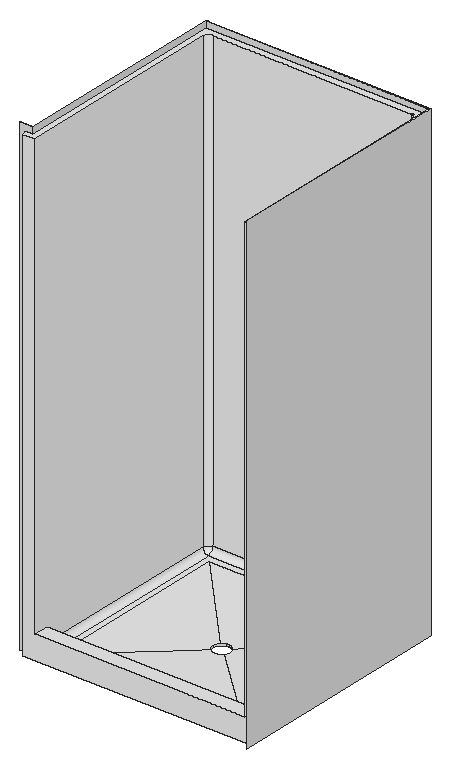
Revit family "LCS4038CP", category Plumbing Fixtures, Revit 2017
Family settings
  Round Connector Dimension = Use Diameter
  Part Type = Normal
  OmniClass Number = 23.45.05.14.17
  OmniClass Title = Showers
  Work Plane-Based = No
  Always vertical = Yes
  Cut with Voids When Loaded = No
  Shared = No
  Room Calculation Point = No
Parameters (values of type "LCS4038CP")
  Unit Width = 40 1/4"
  Unit Height = 80 1/2"
  Unit Depth = 39"
  URL = "http://www.bestbath.com/"
  Type Comments = "Independent Living"
  Model = "LCS4038CP"
  Material [instance] = Best Bath Gelcoat Fiberglass - Classic Tile
  Manufacturer = "Best Bath Systems, Inc."
  Keynote = "22 40 00.B3"
  Description = "Classic Tile Wall Finish, Curbed Product"
  Assembly Code = "D2010710"
Reference planes (in)
  plane 1 "Back": y = -0.5
  plane 2: z = 0
  plane 3 "Left": x = 0
  plane 4: x = 38.25
  plane 5: y = -38.5
  plane 6: z = 79.5
  plane 7: z = 0.625
  plane 8: z = 80.5
  plane 9: x = 19.125
  plane 10: y = -1.75
  plane 11: y = -21
  plane 12: z = 0.25
  plane 13: z = 4
  plane 14: y = -39.5
  plane 15: x = -2
Forms (in)
  Extrusion 1, solid, material "Best Bath Gelcoat Fiberglass - Smooth"
    sketch origin (0, 0, 0) x (1, 0, 0) y (0, 1, 0)
      loop
        line (0, -0.5) -> (0, -38.5) -> (38.25, -38.5) -> (38.25, -0.5) -> (0, -0.5)
      loop
        circle (19.125, -21) r 1.5
    from 0 to 0.625
  Extrusion 2, solid, material "Best Bath Gelcoat Fiberglass - Smooth"
    sketch origin (0.125, 0, 0) x (1, 0, 0) y (0, 1, 0)
      loop
        line (0, -0.5) -> (0, -37.5) -> (-1.14295, -37.5) -> (-0.875, -38.5) -> (1.125, -38.5) -> (1.125, -2.76)
        arc (1.125, -2.76) -> (1.42082, -2.04582) -> (2.135, -1.75) r 1.01
        line (2.135, -1.75) -> (35.865, -1.75)
        arc (35.865, -1.75) -> (36.57918, -2.04582) -> (36.875, -2.76) r 1.01
        line (36.875, -2.76) -> (36.875, -38.5) -> (38.125, -38.5) -> (38.125, -0.5) -> (0, -0.5)
    from 0 to 79.5
  Sweep 3, solid, material "Best Bath Gelcoat Fiberglass - Smooth"
    path origin (0, 0, 0) x (1, 0, 0) y (0, 1, 0)
      loop
        line (37.125, -38.5) -> (37.125, -2.76)
        arc (37.125, -2.76) -> (36.82918, -2.04582) -> (36.115, -1.75) r 1.01
        line (36.115, -1.75) -> (2.26, -1.75)
        arc (2.26, -1.75) -> (1.54582, -2.04582) -> (1.25, -2.76) r 1.01
        line (1.25, -2.76) -> (1.25, -38.5)
    profile origin (1.25, -20.63, 0) x (1, 0, 0) y (0, 0, 1)
      loop
        line (0, 0.625) -> (1, 0.625)
        arc (1, 0.625) -> (0.29289, 0.91789) -> (0, 1.625) r 1
        line (0, 1.625) -> (0, 0.625)
  Sweep 4, solid, material "Best Bath Gelcoat Fiberglass - Smooth"
    path origin (0, 0, 0) x (1, 0, 0) y (0, 1, 0)
      loop
        line (1.25, -38.5) -> (37.125, -38.5)
    profile origin (19.1875, -38.5, 0) x (0, 1, 0) y (0, 0, 1)
      loop
        line (0, 0) -> (3.09259, 0) -> (2.5, 4) -> (0, 4) -> (0, 0)
  Blend 5, void
    base sketch origin (0, 0, 0) x (1, 0, 0) y (0, 1, 0)
      loop
        line (3.375, -36) -> (34.875, -36) -> (34.875, -4) -> (3.375, -4) -> (3.375, -36)
    top sketch origin (0, 0, 0) x (1, 0, 0) y (0, 1, 0)
      loop
        circle (19.125, -21) r 0.12916
    from 0.625 to 0.25
  Extrusion 6, solid, material "Best Bath Gelcoat Fiberglass - Smooth"
    sketch origin (0, 0, 0) x (1, 0, 0) y (0, 1, 0)
      loop
        line (38.25, -39.5) -> (38.25, -0.5) -> (0, -0.5) -> (0, -37.375) -> (-2, -37.375) -> (-2, -37.5) -> (0.125, -37.5) -> (0.125, -0.625) -> (38.125, -0.625) -> (38.125, -39.5) -> (38.25, -39.5)
    from 0 to 80.5
Cuts and joins
  Blend 5 cuts Extrusion 1
  Blend 5 cuts Extrusion 2
  Blend 5 cuts Sweep 3
  Blend 5 cuts Sweep 4
  joined: Extrusion 1, Extrusion 2, Sweep 3, Sweep 4, Extrusion 6
Dimensions and locks (in)
  plane 3 "Left" to plane 4 = 38 1/4"
  locked: plane 7 to level at 0.625
  locked: plane 8 to plane 6 at 1
  "Unit Height": plane 8 to level
  equal spacing: plane 3 "Left", plane 9, plane 4
  plane 1 "Back" to plane 11 = 20 1/2"
  locked: plane 10 to plane 1 "Back" at 1.25
  Extrusion 2 sketch curve to Extrusion 1 = 1 1/4"
  Extrusion 1 to Extrusion 2 sketch curve = 1 1/4"
  locked: plane 7 to plane 12 at 0.375
  locked: plane 13 to level at 4
  locked: plane 5 to plane 14 at 1
  "Unit Depth": plane 14 to plane 1 "Back"
  "Unit Width": plane 15 to plane 4
  plane 15 to cut or joined group of Extrusion 1, Extrusion 2, Sweep 3, Sweep 4, Blend 5, Extrusion 6 = 2"
  aligned and locked: level to plane 2
  aligned and locked: plane 7 to Extrusion 1
  aligned and locked: plane 5 to Extrusion 1 sketch curve
  aligned and locked: plane 4 to Extrusion 1 sketch curve
  aligned and locked: plane 9 to Extrusion 1 sketch curve
  aligned and locked: Extrusion 2 sketch curve to Extrusion 1  (x2)
  aligned and locked: Extrusion 2 sketch curve to plane 10
  aligned and locked: Sweep 3 sketch curve to Extrusion 2
  aligned and locked: plane 10 to Sweep 3 sketch curve
  aligned and locked: Sweep 3 sketch curve to Extrusion 1
  aligned and locked: plane 11 to Extrusion 1 sketch curve
  aligned and locked: plane 13 to Sweep 4
  aligned and locked: plane 11 to Blend 5 sketch curve
  aligned and locked: plane 9 to Blend 5 sketch curve
  aligned and locked: plane 8 to Extrusion 6
  aligned and locked: plane 6 to cut or joined group of Extrusion 1, Extrusion 2, Sweep 3, Sweep 4, Blend 5, Extrusion 6
Automatic sketch dimensions
  Extrusion 1 sketch curve to plane 3 "Left" = 0"
  plane 1 "Back" to Extrusion 1 sketch curve = 0"
  profile plane to Sweep 3 sketch curve = 0"
  Sweep 3 sketch curve to profile plane = 1"
  Sweep 4 sketch curve to profile plane = 0"
  level to Sweep 4 sketch curve = 4"
  Sweep 4 sketch curve to profile plane = 2 1/2"
  level to Sweep 4 sketch curve = 0"
  Sweep 4 sketch curve to profile plane = 3.09259"
  plane 3 "Left" to Blend 5 sketch curve = 3 3/8"
  plane 5 to Blend 5 sketch curve = 2 1/2"
  plane 4 to Blend 5 sketch curve = 3 3/8"
  Blend 5 sketch curve to plane 10 = 2 1/4"
  Extrusion 6 sketch curve to plane 3 "Left" = 0"
  Extrusion 6 sketch curve to plane 14 = 0"
  plane 1 "Back" to Extrusion 6 sketch curve = 0"
  Extrusion 6 sketch curve to plane 4 = 0"
  Extrusion 6 sketch curve to plane 3 "Left" = 2"
  plane 3 "Left" to Extrusion 6 sketch curve = 1/8"
  plane 4 to Extrusion 6 sketch curve = 1/8"
  plane 5 to Extrusion 6 sketch curve = 1"
  Extrusion 6 sketch curve to Extrusion 6 sketch curve = 1/8"
  plane 1 "Back" to Extrusion 6 sketch curve = 1/8"
  Sweep 3 sketch curve to plane 5 = 0"  (x2)
  Sweep 3 sketch curve to Sweep 3 sketch curve = 1.01"
  Sweep 3 sketch curve to plane 10 = 1.01"
  plane 4 to Sweep 3 sketch curve = 2.135"
  Extrusion 2 sketch curve to plane 4 = 0"
  Extrusion 2 sketch curve to plane 5 = 0"
  plane 3 "Left" to Extrusion 2 sketch curve = 1/8"
  Extrusion 2 sketch curve to plane 3 "Left" = 3/4"
  plane 15 to Extrusion 2 sketch curve = 0.98205"
  Extrusion 2 sketch curve to Extrusion 2 sketch curve = 1.01"  (x2)
  plane 5 to Extrusion 2 sketch curve = 1"
  Sweep 4 sketch curve to plane 5 = 0"
  plane 3 "Left" to Sweep 4 sketch curve = 1 1/4"
  plane 4 to Sweep 4 sketch curve = 1 1/8"
  radius of Extrusion 1 sketch curve = 1 1/2"
  radius of Blend 5 sketch curve = 0.12916"
